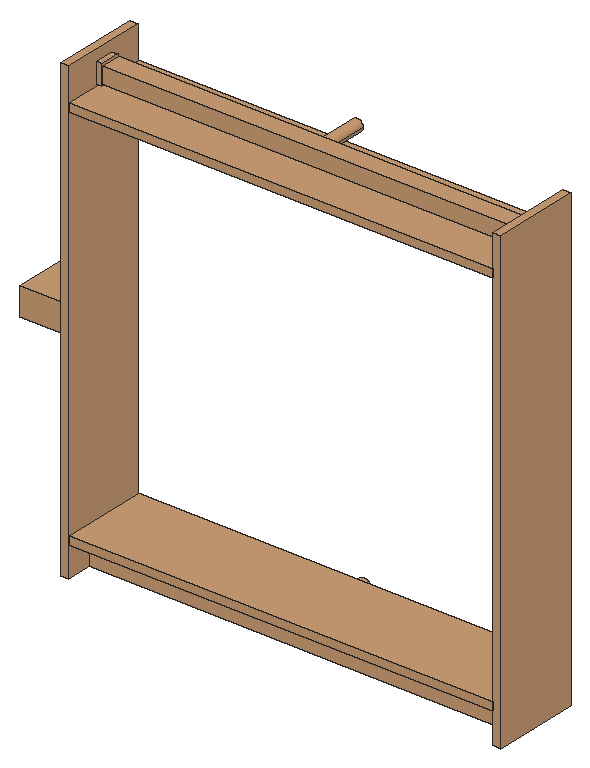
Revit family
Parameters
  Center Of Unit = 0' - 0"  # constant formula
  Water Pressure Drop [instance] = 0.00 psi
  Water Flow [instance] = 0 GPM
  Unit Weight (lbs) = 1355
  URL = "http://www.ljwing.com/"
  Water Outlet Radius = 0' - 1 1/2"
  Water Outlet Odd sizes = 0' - 0"
  Total Heating Capacity [instance] = 0.0 Btu/h
  Temperature Rise [instance] = 0 °F
  Series = "VIFB"
  Outlet Area = 71.50 SF
  Number of Rows = 1  # constant formula
  Number of Coils [instance] = 0
  Nominal Length = 9' - 3 3/16"
  Model = "VF-10"
  Manufacturer = "LJ Wing"
  Leaving Water Temperature [instance] = 0 °F
  Leaving Air Temperature [instance] = 0 °F
  Face Velocity (FPM) [instance] = 0
  Entering Water Temperature [instance] = 0 °F
  Entering Air Temperature [instance] = 0 °F
  Description = "Vertical Integral Face & Bypass Water Heating Coils"
  Hot Water Odd Sizes = 0' - 0"
  Hot Water Inlet Offset = 0' - 4 3/8"  # constant formula
  Hot Water Inlet  Radius = 0' - 1 1/2"
  Coil Face Area = Outlet Area * 0.56  # 40.04 SF
  Casing Material = ""
  Assembly Code = "D3020300"
  Air Pressure Drop [instance] = 0.00 in-wg
  Air Inlet Width = Nominal Length - 0' 4"  # 8' - 11 3/16"
  Air Inlet Height = Y  # 8' - 0"
  Air Flow [instance] = 0 CFM
  Z = 0' - 2 1/8"
  Y = 8' - 0"
  S = 0' - 9 3/4"
  Product URL = "http://www.ljwing.com/html/vifb.asp"
  OmniClass = "23-75 70 21 14"
  Nominal Height = 9' - 8"
  Nominal Depth = 1' - 10"
  R = 0' - 10 1/4"
  Q = 0' - 4 19/32"
  P = 0' - 5 1/8"
  L = 0' - 5 15/16"
Reference planes (in)
  plane 1 "Center (Front/Back)": y = 0
  plane 2: z = -48
  plane 3 "Center (Left/Right)": x = 0
  plane 4: z = 58.25
  plane 5: x = -55.59375
  plane 6: x = 55.59375
  plane 7: z = -57.75
  plane 8: z = 0
  plane 9: y = -11
  plane 10: y = 11
  plane 11: z = 48
  plane 12: z = 50
  plane 13: z = -50
  plane 14: x = 53.59375
  plane 15: x = -53.59375
  plane 16: z = 53.125
  plane 17: z = -51.8125
  plane 18: x = -51
  plane 19: x = 51
  plane 20: y = 13.125
  plane 21: y = 15.375
  plane 22: x = -66.59375
  plane 23: x = 0
  plane 24: x = 0
  plane 25: z = 55.125
  plane 26: z = 51.125
  plane 27: y = -2.5
  plane 28: y = 2.5
  plane 29: y = -4.5
Forms (in)
  Extrusion 1, solid, material "Painted Finish"
    sketch origin (0, 6, -9.75) x (1, 0, 0) y (0, 0, 1)
      loop
        line (-55.59375, -48) -> (-53.59375, -48) -> (-53.59375, 68) -> (-55.59375, 68) -> (-55.59375, -48)
      loop
        line (55.59375, -48) -> (55.59375, 68) -> (53.59375, 68) -> (53.59375, -48) -> (55.59375, -48)
    from -5 to 17
  Extrusion 2, solid, material "Painted Finish"
    sketch origin (0, 6, 0) x (1, 0, 0) y (0, 0, 1)
      loop
        line (53.59375, -48) -> (-53.59375, -48) -> (-53.59375, -50) -> (53.59375, -50) -> (53.59375, -48)
      loop
        line (53.59375, 48) -> (53.59375, 50) -> (-53.59375, 50) -> (-53.59375, 48) -> (53.59375, 48)
    from -5 to 17
  Extrusion 3, solid, material "Painted Finish"
    sketch origin (0, 10, -0.5) x (1, 0, 0) y (0, 0, 1)
      loop
        line (-55.59375, 4) -> (-66.59375, 4) -> (-66.59375, -3) -> (-55.59375, -3) -> (-55.59375, 4)
    from 0 to 20
  Extrusion 4, solid, material "Painted Finish"
    sketch origin (0, 6, 0) x (1, 0, 0) y (0, 0, 1)
      loop
        line (-51.96875, 55.125) -> (-51.96875, 51.125) -> (51.96875, 51.125) -> (51.96875, 55.125) -> (-51.96875, 55.125)
    from 3.5 to 8.5
  Extrusion 5, solid, material "Painted Finish"
    sketch origin (0, 0, 0) x (1, 0, 0) y (0, 0, 1)
      loop
        line (-51.96875, 50.625) -> (-51.96875, 55.625) -> (-53.59375, 55.625) -> (-53.59375, 50.625) -> (-51.96875, 50.625)
      loop
        line (53.59375, 50.625) -> (53.59375, 55.625) -> (51.96875, 55.625) -> (51.96875, 50.625) -> (53.59375, 50.625)
    from -2.5 to 2.5
  Extrusion 6, solid, material "Painted Finish"
    sketch origin (0, 23, 0) x (1, 0, 0) y (0, 0, 1)
      loop
        circle (0, 53.125) r 1.5
    from 9.875 to 20.5
  Extrusion 7, solid, material "Painted Finish"
    sketch origin (0, 6, 0) x (1, 0, 0) y (0, 0, 1)
      loop
        line (-53.59375, -50) -> (-53.59375, -57.75) -> (53.59375, -57.75) -> (53.59375, -50) -> (-53.59375, -50)
    from -5 to 10.5
  Extrusion 8, solid, material "Painted Finish"
    sketch origin (0, 23, 0) x (1, 0, 0) y (0, 0, 1)
      loop
        circle (0, -51.8125) r 1.5
    from 7.625 to 12
  Extrusion 9, void
    sketch origin (0, 0, 0) x (1, 0, 0) y (0, 0, 1)
      loop
        line (-53.59375, 48) -> (-53.59375, -48) -> (53.59375, -48) -> (53.59375, 48) -> (-53.59375, 48)
    from -11 to 11
Cuts and joins
  Extrusion 9 cuts Extrusion 1
  Extrusion 9 cuts Extrusion 2
Dimensions and locks (in)
  "Nominal Length": plane 6 to plane 5
  equal spacing: plane 6, plane 3 "Center (Left/Right)", plane 5
  "S": plane 2 to plane 7
  "Nominal Depth": plane 10 to plane 9
  equal spacing: plane 10, plane 1 "Center (Front/Back)", plane 9
  "Y": plane 11 to plane 2
  "R": plane 4 to plane 11
  locked: plane 12 to plane 11 at 2
  locked: plane 2 to plane 13 at 2
  "P": plane 4 to plane 16
  "L": plane 17 to plane 7
  "Q": plane 18 to plane 5
  "Q": plane 6 to plane 19
  "Z": plane 20 to plane 10
  "Hot Water Inlet Offset": plane 21 to plane 10
  locked: plane 5 to plane 22 at 11
  locked: Extrusion 3 sketch curve to Extrusion 3 sketch curve at 7
  locked: Extrusion 3 to Extrusion 3 at 20
  locked: plane 6 to plane 14 at 2
  locked: plane 15 to plane 5 at 2
  "Water Outlet Odd sizes": plane 23 to plane 3 "Center (Left/Right)"
  "Hot Water Odd Sizes": plane 3 "Center (Left/Right)" to plane 24
  equal spacing: plane 25, plane 16, plane 26
  locked: Extrusion 5 sketch curve to plane 25 at 0.5
  locked: plane 26 to Extrusion 5 sketch curve at 0.5
  locked: Extrusion 6 sketch curve to plane 16 at 0
  locked: Extrusion 6 sketch curve to plane 23 at 0
  locked: Extrusion 8 sketch curve to plane 17 at 0
  locked: Extrusion 8 sketch curve to plane 24 at 0
  locked: plane 25 to plane 26 at 4
  locked: plane 28 to plane 27 at 5
  equal spacing: plane 28, plane 1 "Center (Front/Back)", plane 27
  locked: plane 27 to plane 29 at 2
  plane 4 to plane 7 = 9' - 8"
  locked: Extrusion 5 sketch curve to Extrusion 1 at 1.625
  locked: Extrusion 5 sketch curve to Extrusion 5 sketch curve at 1.625
  locked: Extrusion 9 sketch curve to plane 11 at 0
  locked: Extrusion 9 sketch curve to plane 15 at 0
  locked: Extrusion 9 sketch curve to plane 14 at 0
  locked: Extrusion 9 sketch curve to plane 2 at 0
  equal spacing: plane 11, plane 8, plane 2
  "Water Outlet Radius": radius of Extrusion 6 sketch curve
  "Hot Water Inlet  Radius": radius of Extrusion 8 sketch curve
  aligned and locked: Extrusion 1 to plane 9
  aligned and locked: Extrusion 1 to plane 10
  aligned and locked: Extrusion 1 to plane 15
  aligned and locked: Extrusion 1 to plane 14
  aligned and locked: Extrusion 2 to plane 9
  aligned and locked: plane 9 to Extrusion 1
  aligned and locked: plane 10 to Extrusion 1  (x2)
  aligned and locked: Extrusion 2 to plane 10
  aligned and locked: plane 10 to Extrusion 2  (x2)
  aligned and locked: plane 9 to Extrusion 2  (x2)
  aligned and locked: plane 5 to Extrusion 3
  aligned and locked: Extrusion 5 sketch curve to plane 15
  aligned and locked: Extrusion 5 sketch curve to Extrusion 4
  aligned and locked: Extrusion 6 to plane 20
  aligned and locked: Extrusion 1 to Extrusion 7
  aligned and locked: Extrusion 8 to plane 10
  aligned and locked: plane 21 to Extrusion 8
  aligned and locked: plane 27 to Extrusion 5
  aligned and locked: Extrusion 5 to Extrusion 4  (x2)
  aligned and locked: Extrusion 5 to plane 28
  aligned and locked: Extrusion 6 to Extrusion 4
  aligned and locked: Extrusion 7 to plane 29  (x2)
  aligned and locked: Extrusion 8 to Extrusion 7
  aligned and locked: Extrusion 4 to Extrusion 5  (x2)
  aligned and locked: Extrusion 5 to Extrusion 1  (x2)
  aligned and locked: plane 2 to Extrusion 2
  aligned and locked: Extrusion 1 sketch curve to plane 6
  aligned and locked: Extrusion 1 sketch curve to plane 14
  aligned and locked: Extrusion 1 sketch curve to plane 15
  aligned and locked: Extrusion 1 sketch curve to plane 5
  aligned and locked: plane 7 to Extrusion 1 sketch curve  (x2)
  aligned and locked: Extrusion 1 sketch curve to plane 4  (x2)
  aligned and locked: Extrusion 2 sketch curve to plane 11
  aligned and locked: Extrusion 2 sketch curve to plane 12
  aligned and locked: Extrusion 2 sketch curve to plane 14
  aligned and locked: Extrusion 2 sketch curve to plane 15
  aligned and locked: Extrusion 2 sketch curve to plane 13
  aligned and locked: plane 2 to Extrusion 2 sketch curve
  aligned and locked: plane 14 to Extrusion 2 sketch curve
  aligned and locked: plane 15 to Extrusion 2 sketch curve
  aligned and locked: plane 13 to Extrusion 7 sketch curve
  aligned and locked: Extrusion 7 sketch curve to plane 7
  aligned and locked: plane 14 to Extrusion 7 sketch curve
  aligned and locked: Extrusion 7 sketch curve to plane 15
  aligned and locked: cut or joined group of Extrusion 1, Extrusion 9 to plane 10
  aligned and locked: Extrusion 8 to plane 21
Automatic sketch dimensions
  Extrusion 3 sketch curve to plane 22 = 0' - 0"
  Extrusion 3 sketch curve to plane 5 = 0' - 0"
  plane 8 to Extrusion 3 sketch curve = 0' - 3 1/2"
  Extrusion 4 sketch curve to plane 25 = 0' - 0"
  Extrusion 4 sketch curve to plane 26 = 0' - 0"
  Extrusion 4 sketch curve to plane 18 = 0' - 0 31/32"
  plane 19 to Extrusion 4 sketch curve = 0' - 0 31/32"
  plane 26 to Extrusion 5 sketch curve = 0' - 0 1/2"
  Extrusion 5 sketch curve to plane 25 = 0' - 0 1/2"
Connectors (in)
  hvac at (0, -11, 0), driven by "Air Inlet Height", driven by "Air Inlet Width", driven by "Air Flow", driven by "Air Pressure Drop"
    settings: on Extrusion 9, index 1
  hvac at (0, 11, 0), driven by "Air Pressure Drop", driven by "Air Inlet Height", driven by "Air Inlet Width", driven by "Air Flow"
    settings: on Extrusion 9, index 2
  piping at (0, 13.125, 53.125), driven by "Water Flow", driven by "Water Outlet Radius", driven by "Water Pressure Drop"
    settings: on Extrusion 6, index 3
  piping at (0, 15.375, -51.8125), driven by "Water Flow", driven by "Water Pressure Drop", driven by "Hot Water Inlet  Radius"
    settings: on Extrusion 8, index 4
